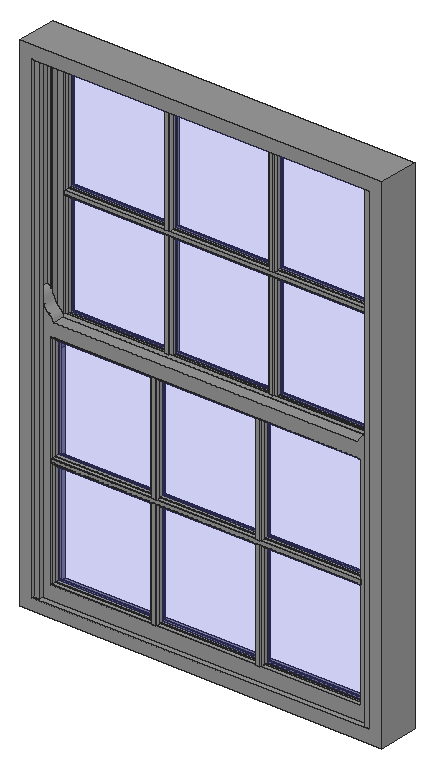
Revit family "HMEL5SP", category Windows, host Wall, Revit 2015
Parameters (values of type "HMEL5SP")
  Height = 1750 mm
  Default Lintel Height = 2100 mm
  Wall Closure = By host
  Width = 1250 mm
Reference planes
  plane 1 "Center (Front/Back)": y = 0
  plane 2 "Center (Left/Right)": x = 0
  plane 3 "Left": x = -625
  plane 4 "Right": x = 625
  plane 5 "Sill": z = 350
  plane 6 "Head": z = 2100
  plane 7 "Exterior": y = 100
  plane 8 "Interior": y = -100
  plane 9: y = -28.5
  plane 10: y = 23.5
  plane 11: z = 1225
  plane 12: z = 1253.5
  plane 13: z = 1196.5
Forms (mm)
  Sweep 1, solid, material "Lauan, Meranti"
    path origin (-10500, 23.5, 2100) x (0, 0, -1) y (-1, 0, 0)
      loop
        line (0, -11125) -> (1750, -11125) -> (1750, -9875) -> (0, -9875) -> (0, -11125)
    profile origin (0, 23.5, 2100) x (0, 0, 1) y (0, 1, 0)
      loop
        line (0, 46.5) -> (-42, 46.5) -> (-42, -93.5) -> (0, -93.5) -> (0, 46.5)
  Extrusion 2, solid, material "Lauan, Meranti"
    sketch origin (-10450, 7.5, 1687.5) x (0, 0, -1) y (-1, 0, 0)
      loop
        line (491, -10976) -> (491, -11033) -> (576, -11033)
        spline (576, -11033) -> (568.022, -11020.331) -> (558.494, -11013.581) -> (548.752, -11010.386) -> (540.116, -11008.399) -> (533.202, -11006.197) -> (527.644, -11003.636) -> (523.005, -11000.669) -> (518.783, -10997.149) -> (514.297, -10992.644) -> (508.83, -10986.691) -> (501.472, -10980.147) -> (491, -10976)
      loop
        spline (491, -9924) -> (501.472, -9919.853) -> (508.83, -9913.309) -> (514.297, -9907.356) -> (518.783, -9902.851) -> (523.005, -9899.331) -> (527.644, -9896.364) -> (533.202, -9893.803) -> (540.116, -9891.601) -> (548.752, -9889.614) -> (558.494, -9886.419) -> (568.022, -9879.669) -> (576, -9867)
        line (576, -9867) -> (491, -9867) -> (491, -9924)
    from 0 to 42
  Extrusion 3, solid, material "Lauan, Meranti"
    sketch origin (-10450, -49.5, 762.5) x (0, 0, 1) y (1, 0, 0)
      loop
        spline (491, 10976) -> (501.472, 10980.147) -> (508.83, 10986.691) -> (514.297, 10992.644) -> (518.783, 10997.149) -> (523.005, 11000.669) -> (527.644, 11003.636) -> (533.202, 11006.197) -> (540.116, 11008.399) -> (548.752, 11010.386) -> (558.494, 11013.581) -> (568.022, 11020.331) -> (576, 11033)
        line (576, 11033) -> (491, 11033) -> (491, 10976)
      loop
        line (491, 9924) -> (491, 9867) -> (576, 9867)
        spline (576, 9867) -> (568.022, 9879.669) -> (558.494, 9886.419) -> (548.752, 9889.614) -> (540.116, 9891.601) -> (533.202, 9893.803) -> (527.644, 9896.364) -> (523.005, 9899.331) -> (518.783, 9902.851) -> (514.297, 9907.356) -> (508.83, 9913.309) -> (501.472, 9919.853) -> (491, 9924)
    from 0 to 42
  Extrusion 4, solid, material "Lauan, Meranti"
    sketch origin (-350, 0, -425) x (0, -1, 0) y (0, 0, 1)
      loop
        line (7.5, 1678.5) -> (-7.5, 1678.5) -> (-7.5, 1659.5) -> (-4.5, 1659.5) -> (-4.5, 1656.5) -> (7.5, 1656.5) -> (7.5, 1672) -> (0.5, 1672) -> (0.5, 1675) -> (7.5, 1675) -> (7.5, 1678.5)
    from 211 to -911
  Sweep 5, solid, material "Lauan, Meranti"
    path origin (-10573.682, 31, 1966.635) x (0, 0, -1) y (-1, 0, 0)
      loop
        line (-91.365, -11156.682) -> (770.135, -11156.682) -> (770.135, -9990.682) -> (-91.365, -9990.682) -> (-91.365, -11156.682)
    profile origin (0, 31, 2058) x (0, 0, 1) y (0, 1, 0)
      loop
        line (-48, 18.5) -> (-48, -6.5) -> (-57, -6.5) -> (-57, -14.499) -> (-53.996, -14.499)
        arc (-53.996, -14.499) -> (-52.238, -18.744) -> (-47.994, -20.502) r 6.002
        line (-47.994, -20.502) -> (-47.994, -23.5) -> (0, -23.5) -> (0, 18.5) -> (-48, 18.5)
  Sweep 6, solid, material "Lauan, Meranti"
    path origin (-10580.679, 16, 1764.851) x (0, 0, -1) y (-1, 0, 0)
      loop
        line (511.351, -11163.679) -> (1372.851, -11163.679) -> (1372.851, -9997.679) -> (511.351, -9997.679) -> (511.351, -11163.679)
    profile origin (0, 16, 1253.5) x (0, 0, 1) y (0, 1, 0)
      loop
        line (0, -65.5) -> (0, -23.5) -> (-48, -23.5) -> (-48, -48.5) -> (-57, -48.5) -> (-57, -56.499) -> (-53.996, -56.499)
        arc (-53.996, -56.499) -> (-52.238, -60.744) -> (-47.994, -62.502) r 6.002
        line (-47.994, -62.502) -> (-47.994, -65.5) -> (0, -65.5)
  Extrusion 7, solid, material "Lauan, Meranti"
    sketch origin (-4.429, 187.242, 731.33) x (1, 0, 0) y (0, 1, 0)
      loop
        line (565.429, -194.742) -> (568.929, -194.742) -> (568.929, -187.742) -> (571.929, -187.742) -> (571.929, -194.742) -> (587.429, -194.742) -> (587.429, -182.742) -> (584.429, -182.742) -> (584.429, -179.742) -> (565.429, -179.742) -> (565.429, -194.742)
      loop
        line (565.429, -236.742) -> (565.429, -251.742) -> (584.429, -251.742) -> (584.429, -248.742) -> (587.429, -248.742) -> (587.429, -236.742) -> (571.929, -236.742) -> (571.929, -243.742) -> (568.929, -243.742) -> (568.929, -236.742) -> (565.429, -236.742)
      loop
        line (-556.571, -194.742) -> (-556.571, -179.742) -> (-575.571, -179.742) -> (-575.571, -182.742) -> (-578.571, -182.742) -> (-578.571, -194.742) -> (-563.071, -194.742) -> (-563.071, -187.742) -> (-560.071, -187.742) -> (-560.071, -194.742) -> (-556.571, -194.742)
      loop
        line (-556.571, -236.742) -> (-560.071, -236.742) -> (-560.071, -243.742) -> (-563.071, -243.742) -> (-563.071, -236.742) -> (-578.571, -236.742) -> (-578.571, -248.742) -> (-575.571, -248.742) -> (-575.571, -251.742) -> (-556.571, -251.742) -> (-556.571, -236.742)
    from -339.33 to 1326.67
  Extrusion 8, solid, material "Lauan, Meranti"
    sketch origin (225, 26, 65.463) x (1, 0, 0) y (0, 1, 0)
      loop
        line (-51, 23.5) -> (-51, -1.5) -> (-60, -1.5) -> (-60, -9.5) -> (-57, -9.5)
        arc (-57, -9.5) -> (-55.243, -13.743) -> (-51, -15.5) r 6
        line (-51, -15.5) -> (-51, -18.5) -> (-38, -18.5) -> (-38, -15.5)
        arc (-38, -15.5) -> (-33.757, -13.743) -> (-32, -9.5) r 6
        line (-32, -9.5) -> (-29, -9.5) -> (-29, -1.5) -> (-38, -1.5) -> (-38, 23.5) -> (-51, 23.5)
      loop
        line (-412, 23.5) -> (-412, -1.5) -> (-421, -1.5) -> (-421, -9.5) -> (-418, -9.5)
        arc (-418, -9.5) -> (-416.243, -13.743) -> (-412, -15.5) r 6
        line (-412, -15.5) -> (-412, -18.5) -> (-399, -18.5) -> (-399, -15.5)
        arc (-399, -15.5) -> (-394.757, -13.743) -> (-393, -9.5) r 6
        line (-393, -9.5) -> (-390, -9.5) -> (-390, -1.5) -> (-399, -1.5) -> (-399, 23.5) -> (-412, 23.5)
    from 1568.287 to 1944.537
  Extrusion 9, solid, material "Glass"
    sketch origin (-10275, 24.5, 1968.75) x (0, 0, -1) y (-1, 0, 0)
      loop
        line (-41.25, -10810) -> (335, -10810) -> (335, -10462) -> (-41.25, -10462) -> (-41.25, -10810)
      loop
        line (-41.25, -10449) -> (335, -10449) -> (335, -10101) -> (-41.25, -10101) -> (-41.25, -10449)
      loop
        line (-41.25, -10088) -> (335, -10088) -> (335, -9740) -> (-41.25, -9740) -> (-41.25, -10088)
      loop
        line (348, -10810) -> (724.25, -10810) -> (724.25, -10462) -> (348, -10462) -> (348, -10810)
      loop
        line (348, -10449) -> (724.25, -10449) -> (724.25, -10101) -> (348, -10101) -> (348, -10449)
      loop
        line (348, -10088) -> (724.25, -10088) -> (724.25, -9740) -> (348, -9740) -> (348, -10088)
    from 0 to 6.4
  Sweep 10, solid, material "Lauan, Meranti"
    path origin (251.75, 107.5, -273.901) x (1, 0, 0) y (0, 0, 1)
      loop
        line (283.25, 2283.901) -> (-64.75, 2283.901) -> (-64.75, 1907.651) -> (283.25, 1907.651) -> (283.25, 2283.901)
    profile origin (361, 107.5, 2010) x (0, 0, -1) y (0, -1, 0)
      loop
        arc (0, 68.6) -> (4.67, 70.234) -> (7, 74.6) r 6.807
        line (7, 74.6) -> (9, 74.6) -> (9, 76.6) -> (0, 76.6) -> (0, 68.6)
  Extrusion 11, solid, material "Lauan, Meranti"
    sketch origin (1720.5, 26, 1627.25) x (0, 0, 1) y (0, 1, 0)
      loop
        line (-6.5, 23.5) -> (-6.5, -1.5) -> (-15.5, -1.5) -> (-15.5, -9.5) -> (-12.5, -9.5)
        arc (-12.5, -9.5) -> (-10.743, -13.743) -> (-6.5, -15.5) r 6
        line (-6.5, -15.5) -> (-6.5, -18.5) -> (6.5, -18.5) -> (6.5, -15.5)
        arc (6.5, -15.5) -> (10.743, -13.743) -> (12.5, -9.5) r 6
        line (12.5, -9.5) -> (15.5, -9.5) -> (15.5, -1.5) -> (6.5, -1.5) -> (6.5, 23.5) -> (-6.5, 23.5)
    from 1185.5 to 2255.5
  Extrusion 12, solid, material "Lauan, Meranti"
    sketch origin (225, 26, -279.537) x (1, 0, 0) y (0, 1, 0)
      loop
        line (-51, 23.5) -> (-51, -1.5) -> (-60, -1.5) -> (-60, -9.5) -> (-57, -9.5)
        arc (-57, -9.5) -> (-55.243, -13.743) -> (-51, -15.5) r 6
        line (-51, -15.5) -> (-51, -18.5) -> (-38, -18.5) -> (-38, -15.5)
        arc (-38, -15.5) -> (-33.757, -13.743) -> (-32, -9.5) r 6
        line (-32, -9.5) -> (-29, -9.5) -> (-29, -1.5) -> (-38, -1.5) -> (-38, 23.5) -> (-51, 23.5)
      loop
        line (-412, 23.5) -> (-412, -1.5) -> (-421, -1.5) -> (-421, -9.5) -> (-418, -9.5)
        arc (-418, -9.5) -> (-416.243, -13.743) -> (-412, -15.5) r 6
        line (-412, -15.5) -> (-412, -18.5) -> (-399, -18.5) -> (-399, -15.5)
        arc (-399, -15.5) -> (-394.757, -13.743) -> (-393, -9.5) r 6
        line (-393, -9.5) -> (-390, -9.5) -> (-390, -1.5) -> (-399, -1.5) -> (-399, 23.5) -> (-412, 23.5)
    from 1524.037 to 1900.287
  Sweep 13, solid, material "Lauan, Meranti"
    path origin (-59.25, 107.5, -273.901) x (1, 0, 0) y (0, 0, 1)
      loop
        line (233.25, 2283.901) -> (-114.75, 2283.901) -> (-114.75, 1907.651) -> (233.25, 1907.651) -> (233.25, 2283.901)
    profile origin (0, 107.5, 2010) x (0, 0, -1) y (0, -1, 0)
      loop
        arc (0, 68.6) -> (4.67, 70.234) -> (7, 74.6) r 6.807
        line (7, 74.6) -> (9, 74.6) -> (9, 76.6) -> (0, 76.6) -> (0, 68.6)
  Sweep 14, solid, material "Lauan, Meranti"
    path origin (-370.25, 107.5, -273.901) x (1, 0, 0) y (0, 0, 1)
      loop
        line (183.25, 2283.901) -> (-164.75, 2283.901) -> (-164.75, 1907.651) -> (183.25, 1907.651) -> (183.25, 2283.901)
    profile origin (-361, 107.5, 2010) x (0, 0, -1) y (0, -1, 0)
      loop
        arc (0, 68.6) -> (4.67, 70.234) -> (7, 74.6) r 6.807
        line (7, 74.6) -> (9, 74.6) -> (9, 76.6) -> (0, 76.6) -> (0, 68.6)
  Sweep 15, solid, material "Lauan, Meranti"
    path origin (251.75, 107.5, -619.401) x (1, 0, 0) y (0, 0, 1)
      loop
        line (283.25, 2240.151) -> (-64.75, 2240.151) -> (-64.75, 1863.901) -> (283.25, 1863.901) -> (283.25, 2240.151)
    profile origin (361, 107.5, 1620.75) x (0, 0, -1) y (0, -1, 0)
      loop
        arc (0, 68.6) -> (4.67, 70.234) -> (7, 74.6) r 6.807
        line (7, 74.6) -> (9, 74.6) -> (9, 76.6) -> (0, 76.6) -> (0, 68.6)
  Sweep 16, solid, material "Lauan, Meranti"
    path origin (-59.25, 107.5, -619.401) x (1, 0, 0) y (0, 0, 1)
      loop
        line (233.25, 2240.151) -> (-114.75, 2240.151) -> (-114.75, 1863.901) -> (233.25, 1863.901) -> (233.25, 2240.151)
    profile origin (0, 107.5, 1620.75) x (0, 0, -1) y (0, -1, 0)
      loop
        arc (0, 68.6) -> (4.67, 70.234) -> (7, 74.6) r 6.807
        line (7, 74.6) -> (9, 74.6) -> (9, 76.6) -> (0, 76.6) -> (0, 68.6)
  Sweep 17, solid, material "Lauan, Meranti"
    path origin (-370.25, 107.5, -619.401) x (1, 0, 0) y (0, 0, 1)
      loop
        line (183.25, 2240.151) -> (-164.75, 2240.151) -> (-164.75, 1863.901) -> (183.25, 1863.901) -> (183.25, 2240.151)
    profile origin (-361, 107.5, 1620.75) x (0, 0, -1) y (0, -1, 0)
      loop
        arc (0, 68.6) -> (4.67, 70.234) -> (7, 74.6) r 6.807
        line (7, 74.6) -> (9, 74.6) -> (9, 76.6) -> (0, 76.6) -> (0, 68.6)
  Extrusion 18, solid, material "Lauan, Meranti"
    sketch origin (225, -31, -739.037) x (1, 0, 0) y (0, 1, 0)
      loop
        line (-51, 23.5) -> (-51, -1.5) -> (-60, -1.5) -> (-60, -9.5) -> (-57, -9.5)
        arc (-57, -9.5) -> (-55.243, -13.743) -> (-51, -15.5) r 6
        line (-51, -15.5) -> (-51, -18.5) -> (-38, -18.5) -> (-38, -15.5)
        arc (-38, -15.5) -> (-33.757, -13.743) -> (-32, -9.5) r 6
        line (-32, -9.5) -> (-29, -9.5) -> (-29, -1.5) -> (-38, -1.5) -> (-38, 23.5) -> (-51, 23.5)
      loop
        line (-412, 23.5) -> (-412, -1.5) -> (-421, -1.5) -> (-421, -9.5) -> (-418, -9.5)
        arc (-418, -9.5) -> (-416.243, -13.743) -> (-412, -15.5) r 6
        line (-412, -15.5) -> (-412, -18.5) -> (-399, -18.5) -> (-399, -15.5)
        arc (-399, -15.5) -> (-394.757, -13.743) -> (-393, -9.5) r 6
        line (-393, -9.5) -> (-390, -9.5) -> (-390, -1.5) -> (-399, -1.5) -> (-399, 23.5) -> (-412, 23.5)
    from 1568.287 to 1944.537
  Extrusion 19, solid, material "Glass"
    sketch origin (-10275, -32.5, 1164.25) x (0, 0, -1) y (-1, 0, 0)
      loop
        line (-41.25, -10810) -> (335, -10810) -> (335, -10462) -> (-41.25, -10462) -> (-41.25, -10810)
      loop
        line (-41.25, -10449) -> (335, -10449) -> (335, -10101) -> (-41.25, -10101) -> (-41.25, -10449)
      loop
        line (-41.25, -10088) -> (335, -10088) -> (335, -9740) -> (-41.25, -9740) -> (-41.25, -10088)
      loop
        line (348, -10810) -> (724.25, -10810) -> (724.25, -10462) -> (348, -10462) -> (348, -10810)
      loop
        line (348, -10449) -> (724.25, -10449) -> (724.25, -10101) -> (348, -10101) -> (348, -10449)
      loop
        line (348, -10088) -> (724.25, -10088) -> (724.25, -9740) -> (348, -9740) -> (348, -10088)
    from 0 to 6.4
  Sweep 20, solid, material "Lauan, Meranti"
    path origin (251.75, 50.5, -1078.401) x (1, 0, 0) y (0, 0, 1)
      loop
        line (283.25, 2283.901) -> (-64.75, 2283.901) -> (-64.75, 1907.651) -> (283.25, 1907.651) -> (283.25, 2283.901)
    profile origin (361, 50.5, 1205.5) x (0, 0, -1) y (0, -1, 0)
      loop
        arc (0, 68.6) -> (4.67, 70.234) -> (7, 74.6) r 6.807
        line (7, 74.6) -> (9, 74.6) -> (9, 76.6) -> (0, 76.6) -> (0, 68.6)
  Extrusion 21, solid, material "Lauan, Meranti"
    sketch origin (1720.5, -31, 822.75) x (0, 0, 1) y (0, 1, 0)
      loop
        line (-6.5, 23.5) -> (-6.5, -1.5) -> (-15.5, -1.5) -> (-15.5, -9.5) -> (-12.5, -9.5)
        arc (-12.5, -9.5) -> (-10.743, -13.743) -> (-6.5, -15.5) r 6
        line (-6.5, -15.5) -> (-6.5, -18.5) -> (6.5, -18.5) -> (6.5, -15.5)
        arc (6.5, -15.5) -> (10.743, -13.743) -> (12.5, -9.5) r 6
        line (12.5, -9.5) -> (15.5, -9.5) -> (15.5, -1.5) -> (6.5, -1.5) -> (6.5, 23.5) -> (-6.5, 23.5)
    from 1185.5 to 2255.5
  Extrusion 22, solid, material "Lauan, Meranti"
    sketch origin (225, -31, -1084.037) x (1, 0, 0) y (0, 1, 0)
      loop
        line (-51, 23.5) -> (-51, -1.5) -> (-60, -1.5) -> (-60, -9.5) -> (-57, -9.5)
        arc (-57, -9.5) -> (-55.243, -13.743) -> (-51, -15.5) r 6
        line (-51, -15.5) -> (-51, -18.5) -> (-38, -18.5) -> (-38, -15.5)
        arc (-38, -15.5) -> (-33.757, -13.743) -> (-32, -9.5) r 6
        line (-32, -9.5) -> (-29, -9.5) -> (-29, -1.5) -> (-38, -1.5) -> (-38, 23.5) -> (-51, 23.5)
      loop
        line (-412, 23.5) -> (-412, -1.5) -> (-421, -1.5) -> (-421, -9.5) -> (-418, -9.5)
        arc (-418, -9.5) -> (-416.243, -13.743) -> (-412, -15.5) r 6
        line (-412, -15.5) -> (-412, -18.5) -> (-399, -18.5) -> (-399, -15.5)
        arc (-399, -15.5) -> (-394.757, -13.743) -> (-393, -9.5) r 6
        line (-393, -9.5) -> (-390, -9.5) -> (-390, -1.5) -> (-399, -1.5) -> (-399, 23.5) -> (-412, 23.5)
    from 1524.037 to 1900.287
  Sweep 23, solid, material "Lauan, Meranti"
    path origin (-59.25, 50.5, -1078.401) x (1, 0, 0) y (0, 0, 1)
      loop
        line (233.25, 2283.901) -> (-114.75, 2283.901) -> (-114.75, 1907.651) -> (233.25, 1907.651) -> (233.25, 2283.901)
    profile origin (0, 50.5, 1205.5) x (0, 0, -1) y (0, -1, 0)
      loop
        arc (0, 68.6) -> (4.67, 70.234) -> (7, 74.6) r 6.807
        line (7, 74.6) -> (9, 74.6) -> (9, 76.6) -> (0, 76.6) -> (0, 68.6)
  Sweep 24, solid, material "Lauan, Meranti"
    path origin (-370.25, 50.5, -1078.401) x (1, 0, 0) y (0, 0, 1)
      loop
        line (183.25, 2283.901) -> (-164.75, 2283.901) -> (-164.75, 1907.651) -> (183.25, 1907.651) -> (183.25, 2283.901)
    profile origin (-361, 50.5, 1205.5) x (0, 0, -1) y (0, -1, 0)
      loop
        arc (0, 68.6) -> (4.67, 70.234) -> (7, 74.6) r 6.807
        line (7, 74.6) -> (9, 74.6) -> (9, 76.6) -> (0, 76.6) -> (0, 68.6)
  Sweep 25, solid, material "Lauan, Meranti"
    path origin (251.75, 50.5, -1423.901) x (1, 0, 0) y (0, 0, 1)
      loop
        line (283.25, 2240.151) -> (-64.75, 2240.151) -> (-64.75, 1863.901) -> (283.25, 1863.901) -> (283.25, 2240.151)
    profile origin (361, 50.5, 816.25) x (0, 0, -1) y (0, -1, 0)
      loop
        arc (0, 68.6) -> (4.67, 70.234) -> (7, 74.6) r 6.807
        line (7, 74.6) -> (9, 74.6) -> (9, 76.6) -> (0, 76.6) -> (0, 68.6)
  Sweep 26, solid, material "Lauan, Meranti"
    path origin (-59.25, 50.5, -1423.901) x (1, 0, 0) y (0, 0, 1)
      loop
        line (233.25, 2240.151) -> (-114.75, 2240.151) -> (-114.75, 1863.901) -> (233.25, 1863.901) -> (233.25, 2240.151)
    profile origin (0, 50.5, 816.25) x (0, 0, -1) y (0, -1, 0)
      loop
        arc (0, 68.6) -> (4.67, 70.234) -> (7, 74.6) r 6.807
        line (7, 74.6) -> (9, 74.6) -> (9, 76.6) -> (0, 76.6) -> (0, 68.6)
  Sweep 27, solid, material "Lauan, Meranti"
    path origin (-370.25, 50.5, -1423.901) x (1, 0, 0) y (0, 0, 1)
      loop
        line (183.25, 2240.151) -> (-164.75, 2240.151) -> (-164.75, 1863.901) -> (183.25, 1863.901) -> (183.25, 2240.151)
    profile origin (-361, 50.5, 816.25) x (0, 0, -1) y (0, -1, 0)
      loop
        arc (0, 68.6) -> (4.67, 70.234) -> (7, 74.6) r 6.807
        line (7, 74.6) -> (9, 74.6) -> (9, 76.6) -> (0, 76.6) -> (0, 68.6)
Cuts and joins
  joined: Extrusion 2, Sweep 5
  joined: Extrusion 3, Sweep 6
Lines and regions (mm)
  Opening 1
    outline origin (3500, -100, 0) x (1, 0, 0) y (0, 0, 1)
      loop
        line (-2875, 350) -> (-2875, 2100) -> (-4125, 2100) -> (-4125, 350) -> (-2875, 350)
  model lines
    curve 1: line (583, 49.5, 2058) -> (0, 49.5, 1196.5)
    curve 2: line (-583, 49.5, 2058) -> (0, 49.5, 1196.5)
    curve 3: line (-361, -7.5, 557.422) -> (-361, -7.5, 957.422)
    curve 4: line (-361, -7.5, 1096.5) -> (-304.809, -7.5, 957.422)
    curve 5: line (-304.809, -7.5, 957.422) -> (-417.191, -7.5, 957.422)
    curve 6: line (-361, -7.5, 1096.5) -> (-417.191, -7.5, 957.422)
Text (mm)
  text "EXTERIOR" at (-1963.203, 1332.353, 0), in view "Ref. Level"
  text "INTERIOR" at (-1981.466, -818.386, 0), in view "Ref. Level"
  text "Exterior" at (0, 923.751, 2943.296), in view "Right"
  text "Exterior" at (0, 1040.484, 2685.409), in view "Left"
Dimensions and locks
  equal spacing: plane 3 "Left", plane 2 "Center (Left/Right)", plane 4 "Right"
  "Width": plane 3 "Left" to plane 4 "Right"
  "Height": plane 5 "Sill" to plane 6 "Head"
  "Default Lintel Height": plane 6 "Head" to level
  locked: plane 7 "Exterior" to host wall at 0
  locked: plane 8 "Interior" to host wall
  locked: plane 10 to plane 9 at 52
  plane 3 "Left" to plane 4 "Right" = 1250 mm
  aligned and locked: Sweep 1 sketch curve to host wall  (x4)
  aligned and locked: Sweep 6 sketch curve to Sweep 1  (x2)
  aligned and locked: Sweep 6 sketch curve to plane 12
  aligned and locked: Sweep 1 to Sweep 6 sketch curve
  aligned and locked: Extrusion 7 to Sweep 1  (x2)
  aligned and locked: Sweep 5 sketch curve to plane 13
  aligned and locked: Sweep 1 to Sweep 5 sketch curve
  aligned and locked: Sweep 5 sketch curve to Sweep 1  (x2)
  aligned and locked: Extrusion 9 sketch curve to Extrusion 8  (x4)
  aligned and locked: Extrusion 9 sketch curve to Extrusion 11  (x2)
  aligned and locked: Extrusion 9 sketch curve to Extrusion 9 sketch curve  (x4)
  aligned and locked: Extrusion 9 to Sweep 10 sketch curve
  aligned and locked: Extrusion 9 to Sweep 13 sketch curve
  aligned and locked: Extrusion 9 to Sweep 14 sketch curve
  aligned and locked: Sweep 15 sketch curve to Extrusion 9
  aligned and locked: Extrusion 9 to Sweep 16 sketch curve
  aligned and locked: Extrusion 9 to Sweep 17 sketch curve
  aligned and locked: Extrusion 9 sketch curve to Extrusion 12  (x2)
  aligned and locked: Sweep 14 sketch curve to Extrusion 8
  aligned and locked: Sweep 13 sketch curve to Extrusion 8  (x2)
  aligned and locked: Sweep 10 sketch curve to Extrusion 8
  aligned and locked: Extrusion 19 sketch curve to Extrusion 18  (x4)
  aligned and locked: Extrusion 19 sketch curve to Extrusion 21  (x2)
  aligned and locked: Extrusion 19 sketch curve to Extrusion 19 sketch curve  (x4)
  aligned and locked: Extrusion 19 to Sweep 20 sketch curve
  aligned and locked: Extrusion 19 to Sweep 23 sketch curve
  aligned and locked: Extrusion 19 to Sweep 24 sketch curve
  aligned and locked: Sweep 25 sketch curve to Extrusion 19
  aligned and locked: Extrusion 19 to Sweep 26 sketch curve
  aligned and locked: Extrusion 19 to Sweep 27 sketch curve
  aligned and locked: Extrusion 19 sketch curve to Extrusion 22  (x2)
  aligned and locked: Sweep 24 sketch curve to Extrusion 18
  aligned and locked: Sweep 23 sketch curve to Extrusion 18  (x2)
  aligned and locked: Sweep 20 sketch curve to Extrusion 18
Automatic sketch dimensions
  plane 3 "Left" to Opening 1 sketch curve = 0 mm
  plane 4 "Right" to Opening 1 sketch curve = 0 mm
  Opening 1 sketch curve to plane 5 "Sill" = 0 mm
  Opening 1 sketch curve to plane 6 "Head" = 0 mm
  profile plane to Sweep 1 sketch curve = 0 mm
  profile plane to Sweep 1 sketch curve = 42 mm
  Sweep 1 sketch curve to plane 10 = 93.5 mm
  plane 10 to Sweep 1 sketch curve = 46.5 mm
  plane 2 "Center (Left/Right)" to curve 1 = 0 mm
  curve 1 to plane 13 = 0 mm
  curve 2 to plane 3 "Left" = 42 mm
  plane 4 "Right" to curve 1 = 42 mm
  plane 6 "Head" to curve 1 = 42 mm
  plane 6 "Head" to curve 2 = 42 mm
  plane 13 to curve 6 = 100 mm
  curve 4 to curve 5 = 139.078 mm
  curve 5 to plane 3 "Left" = 207.809 mm
  curve 5 to curve 6 = 56.191 mm
  curve 5 to curve 5 = 112.382 mm
  curve 3 to plane 5 "Sill" = 207.422 mm
  curve 3 to curve 4 = 56.191 mm
  Extrusion 2 sketch curve to plane 13 = 0 mm  (x2)
  Extrusion 2 sketch curve to plane 3 "Left" = 42 mm
  plane 13 to Extrusion 2 sketch curve = 85 mm  (x2)
  plane 4 "Right" to Extrusion 2 sketch curve = 42 mm
  Extrusion 2 sketch curve to Extrusion 2 sketch curve = 57 mm  (x2)
  Extrusion 3 sketch curve to plane 12 = 0 mm  (x2)
  Extrusion 3 sketch curve to plane 3 "Left" = 42 mm
  Extrusion 3 sketch curve to Extrusion 3 sketch curve = 85 mm  (x2)
  plane 4 "Right" to Extrusion 3 sketch curve = 42 mm
  Extrusion 3 sketch curve to Extrusion 3 sketch curve = 57 mm  (x2)
  Extrusion 4 sketch curve to plane 12 = 0 mm
  Extrusion 4 sketch curve to host wall = 7.5 mm
  Extrusion 4 sketch curve to Extrusion 4 sketch curve = 3 mm  (x2)
  host wall to Extrusion 4 sketch curve = 0.5 mm
  Extrusion 4 sketch curve to Extrusion 4 sketch curve = 7 mm
  host wall to Extrusion 4 sketch curve = 7.5 mm
  Extrusion 4 sketch curve to plane 12 = 3.5 mm
  plane 11 to Extrusion 4 sketch curve = 9.5 mm
  plane 11 to Extrusion 4 sketch curve = 6.5 mm
  profile plane to Sweep 5 sketch curve = 0 mm
  Sweep 5 sketch curve to profile plane = 23.5 mm
  profile plane to Sweep 5 sketch curve = 47.994 mm
  Sweep 5 sketch curve to Sweep 5 sketch curve = 0.006 mm
  Sweep 5 sketch curve to Sweep 5 sketch curve = 6.002 mm
  Sweep 5 sketch curve to Sweep 5 sketch curve = 3.004 mm
  Sweep 5 sketch curve to Sweep 5 sketch curve = 2.998 mm
  Sweep 5 sketch curve to profile plane = 6.5 mm
  profile plane to Sweep 5 sketch curve = 18.5 mm
  profile plane to Sweep 6 sketch curve = 0 mm
  profile plane to Sweep 6 sketch curve = 47.994 mm
  Sweep 6 sketch curve to Sweep 6 sketch curve = 0.006 mm
  Sweep 6 sketch curve to Sweep 6 sketch curve = 6.002 mm
  Sweep 6 sketch curve to Sweep 6 sketch curve = 3.004 mm
  Sweep 6 sketch curve to profile plane = 65.5 mm
  Sweep 6 sketch curve to Sweep 6 sketch curve = 2.998 mm
  Sweep 6 sketch curve to Sweep 6 sketch curve = 7.999 mm
  Sweep 6 sketch curve to profile plane = 23.5 mm
  Extrusion 7 sketch curve to plane 3 "Left" = 42 mm
  host wall to Extrusion 7 sketch curve = 7.5 mm  (x2)
  Extrusion 7 sketch curve to Extrusion 7 sketch curve = 0 mm  (x5)
  Extrusion 7 sketch curve to Extrusion 7 sketch curve = 3 mm  (x11)
  Extrusion 7 sketch curve to Extrusion 7 sketch curve = 15.5 mm  (x2)
  host wall to Extrusion 7 sketch curve = 0.5 mm  (x2)
  Extrusion 7 sketch curve to Extrusion 7 sketch curve = 3.5 mm  (x4)
  plane 4 "Right" to Extrusion 7 sketch curve = 64 mm
  Extrusion 7 sketch curve to plane 9 = 21 mm
  Extrusion 7 sketch curve to Extrusion 7 sketch curve = 12.5 mm  (x2)
  Extrusion 7 sketch curve to host wall = 4.5 mm  (x2)
  Extrusion 7 sketch curve to Extrusion 7 sketch curve = 7 mm  (x2)
  Extrusion 7 sketch curve to plane 9 = 28 mm
  Extrusion 7 sketch curve to Extrusion 7 sketch curve = 5 mm  (x2)
  Extrusion 7 sketch curve to Extrusion 7 sketch curve = 12 mm
  Extrusion 7 sketch curve to host wall = 7.5 mm
  plane 10 to Extrusion 8 sketch curve = 1 mm  (x4)
  plane 2 "Center (Left/Right)" to Extrusion 8 sketch curve = 196 mm
  Extrusion 8 sketch curve to Extrusion 8 sketch curve = 3 mm  (x8)
  Extrusion 8 sketch curve to Extrusion 8 sketch curve = 9 mm  (x2)
  Extrusion 8 sketch curve to Extrusion 8 sketch curve = 6 mm  (x4)
  Extrusion 8 sketch curve to Extrusion 8 sketch curve = 13 mm  (x4)
  Extrusion 8 sketch curve to plane 10 = 7 mm
  Extrusion 8 sketch curve to plane 2 "Center (Left/Right)" = 165 mm
  Extrusion 8 sketch curve to host wall = 10.5 mm
  Extrusion 8 sketch curve to Extrusion 8 sketch curve = 25 mm  (x2)
  plane 6 "Head" to Extrusion 9 sketch curve = 90 mm  (x2)
  Extrusion 9 sketch curve to Extrusion 9 sketch curve = 0 mm  (x3)
  Extrusion 9 sketch curve to Extrusion 9 sketch curve = 13 mm  (x2)
  Extrusion 9 sketch curve to plane 12 = 9 mm  (x3)
  plane 4 "Right" to Extrusion 9 sketch curve = 90 mm
  Extrusion 9 sketch curve to plane 3 "Left" = 90 mm
  plane 4 "Right" to Sweep 10 sketch curve = 90 mm
  plane 6 "Head" to Sweep 10 sketch curve = 90 mm
  Sweep 10 sketch curve to profile plane = 0 mm
  Sweep 10 sketch curve to profile plane = 0.241 mm
  Sweep 10 sketch curve to Sweep 10 sketch curve = 6.759 mm
  Sweep 10 sketch curve to Sweep 10 sketch curve = 2 mm  (x2)
  profile plane to Sweep 10 sketch curve = 68.6 mm
  Sweep 10 sketch curve to Sweep 10 sketch curve = 6 mm
  Extrusion 11 sketch curve to plane 10 = 7 mm
  plane 12 to Extrusion 11 sketch curve = 358.25 mm
  Extrusion 11 sketch curve to Extrusion 11 sketch curve = 3 mm  (x3)
  plane 10 to Extrusion 11 sketch curve = 1 mm  (x2)
  Extrusion 11 sketch curve to Extrusion 11 sketch curve = 9 mm
  Extrusion 11 sketch curve to Extrusion 11 sketch curve = 6 mm  (x2)
  Extrusion 11 sketch curve to Extrusion 11 sketch curve = 13 mm  (x2)
  Extrusion 11 sketch curve to host wall = 10.5 mm
  Extrusion 11 sketch curve to Extrusion 11 sketch curve = 25 mm
  plane 10 to Extrusion 12 sketch curve = 1 mm  (x4)
  plane 2 "Center (Left/Right)" to Extrusion 12 sketch curve = 196 mm
  Extrusion 12 sketch curve to Extrusion 12 sketch curve = 3 mm  (x8)
  Extrusion 12 sketch curve to Extrusion 12 sketch curve = 9 mm  (x2)
  Extrusion 12 sketch curve to Extrusion 12 sketch curve = 6 mm  (x4)
  Extrusion 12 sketch curve to Extrusion 12 sketch curve = 13 mm  (x4)
  Extrusion 12 sketch curve to plane 10 = 7 mm
  Extrusion 12 sketch curve to plane 2 "Center (Left/Right)" = 165 mm
  Extrusion 12 sketch curve to host wall = 10.5 mm
  Extrusion 12 sketch curve to Extrusion 12 sketch curve = 25 mm  (x2)
  plane 6 "Head" to Sweep 13 sketch curve = 90 mm
  Sweep 13 sketch curve to profile plane = 0 mm
  Sweep 13 sketch curve to profile plane = 0.241 mm
  Sweep 13 sketch curve to Sweep 13 sketch curve = 6.759 mm
  Sweep 13 sketch curve to Sweep 13 sketch curve = 2 mm  (x2)
  profile plane to Sweep 13 sketch curve = 68.6 mm
  Sweep 13 sketch curve to Sweep 13 sketch curve = 6 mm
  Sweep 14 sketch curve to plane 3 "Left" = 90 mm
  plane 6 "Head" to Sweep 14 sketch curve = 90 mm
  Sweep 14 sketch curve to profile plane = 0 mm
  Sweep 14 sketch curve to profile plane = 0.241 mm
  Sweep 14 sketch curve to Sweep 14 sketch curve = 6.759 mm
  Sweep 14 sketch curve to Sweep 14 sketch curve = 2 mm  (x2)
  profile plane to Sweep 14 sketch curve = 68.6 mm
  Sweep 14 sketch curve to Sweep 14 sketch curve = 6 mm
  Sweep 15 sketch curve to plane 2 "Center (Left/Right)" = 187 mm
  Sweep 15 sketch curve to plane 12 = 9 mm
  plane 4 "Right" to Sweep 15 sketch curve = 90 mm
  Sweep 15 sketch curve to profile plane = 0 mm
  Sweep 15 sketch curve to profile plane = 0.241 mm
  Sweep 15 sketch curve to Sweep 15 sketch curve = 6.759 mm
  Sweep 15 sketch curve to Sweep 15 sketch curve = 2 mm  (x2)
  profile plane to Sweep 15 sketch curve = 68.6 mm
  Sweep 15 sketch curve to Sweep 15 sketch curve = 6 mm
  plane 2 "Center (Left/Right)" to Sweep 16 sketch curve = 174 mm
  Sweep 16 sketch curve to plane 12 = 9 mm
  Sweep 16 sketch curve to plane 2 "Center (Left/Right)" = 174 mm
  Sweep 16 sketch curve to profile plane = 0 mm
  Sweep 16 sketch curve to profile plane = 0.241 mm
  Sweep 16 sketch curve to Sweep 16 sketch curve = 6.759 mm
  Sweep 16 sketch curve to Sweep 16 sketch curve = 2 mm  (x2)
  profile plane to Sweep 16 sketch curve = 68.6 mm
  Sweep 16 sketch curve to Sweep 16 sketch curve = 6 mm
  Sweep 17 sketch curve to plane 3 "Left" = 90 mm
  Sweep 17 sketch curve to plane 12 = 9 mm
  plane 2 "Center (Left/Right)" to Sweep 17 sketch curve = 187 mm
  Sweep 17 sketch curve to profile plane = 0 mm
  Sweep 17 sketch curve to profile plane = 0.241 mm
  Sweep 17 sketch curve to Sweep 17 sketch curve = 6.759 mm
  Sweep 17 sketch curve to Sweep 17 sketch curve = 2 mm  (x2)
  profile plane to Sweep 17 sketch curve = 68.6 mm
  Sweep 17 sketch curve to Sweep 17 sketch curve = 6 mm
  Extrusion 18 sketch curve to plane 9 = 4 mm  (x4)
  plane 2 "Center (Left/Right)" to Extrusion 18 sketch curve = 196 mm
  Extrusion 18 sketch curve to Extrusion 18 sketch curve = 3 mm  (x8)
  host wall to Extrusion 18 sketch curve = 7.5 mm  (x2)
  Extrusion 18 sketch curve to Extrusion 18 sketch curve = 9 mm  (x2)
  Extrusion 18 sketch curve to Extrusion 18 sketch curve = 6 mm  (x4)
  Extrusion 18 sketch curve to Extrusion 18 sketch curve = 13 mm  (x4)
  Extrusion 18 sketch curve to plane 9 = 12 mm
  Extrusion 18 sketch curve to plane 2 "Center (Left/Right)" = 165 mm
  Extrusion 18 sketch curve to plane 9 = 18 mm
  Extrusion 19 sketch curve to plane 13 = 9 mm  (x3)
  Extrusion 19 sketch curve to Extrusion 19 sketch curve = 13 mm  (x2)
  Extrusion 19 sketch curve to plane 5 "Sill" = 90 mm
  Extrusion 19 sketch curve to Extrusion 19 sketch curve = 0 mm  (x4)
  plane 4 "Right" to Extrusion 19 sketch curve = 90 mm
  Extrusion 19 sketch curve to plane 3 "Left" = 90 mm
  plane 4 "Right" to Sweep 20 sketch curve = 90 mm
  Sweep 20 sketch curve to plane 13 = 9 mm
  Sweep 20 sketch curve to profile plane = 0 mm
  Sweep 20 sketch curve to profile plane = 0.241 mm
  Sweep 20 sketch curve to Sweep 20 sketch curve = 6.759 mm
  Sweep 20 sketch curve to Sweep 20 sketch curve = 2 mm  (x2)
  profile plane to Sweep 20 sketch curve = 68.6 mm
  Sweep 20 sketch curve to Sweep 20 sketch curve = 6 mm
  Extrusion 21 sketch curve to plane 9 = 12 mm
  plane 13 to Extrusion 21 sketch curve = 389.25 mm
  Extrusion 21 sketch curve to Extrusion 21 sketch curve = 3 mm  (x3)
  Extrusion 21 sketch curve to plane 9 = 4 mm  (x2)
  Extrusion 21 sketch curve to Extrusion 21 sketch curve = 9 mm
  Extrusion 21 sketch curve to Extrusion 21 sketch curve = 6 mm  (x2)
  Extrusion 21 sketch curve to Extrusion 21 sketch curve = 13 mm  (x2)
  Extrusion 21 sketch curve to Extrusion 21 sketch curve = 0 mm
  host wall to Extrusion 21 sketch curve = 7.5 mm
  Extrusion 22 sketch curve to plane 9 = 4 mm  (x4)
  plane 2 "Center (Left/Right)" to Extrusion 22 sketch curve = 196 mm
  Extrusion 22 sketch curve to Extrusion 22 sketch curve = 3 mm  (x8)
  host wall to Extrusion 22 sketch curve = 7.5 mm  (x2)
  Extrusion 22 sketch curve to Extrusion 22 sketch curve = 9 mm  (x2)
  Extrusion 22 sketch curve to Extrusion 22 sketch curve = 6 mm  (x4)
  Extrusion 22 sketch curve to Extrusion 22 sketch curve = 13 mm  (x4)
  Extrusion 22 sketch curve to plane 9 = 12 mm
  Extrusion 22 sketch curve to plane 2 "Center (Left/Right)" = 165 mm
  Extrusion 22 sketch curve to plane 9 = 18 mm
  Sweep 23 sketch curve to plane 13 = 9 mm
  Sweep 23 sketch curve to profile plane = 0 mm
  Sweep 23 sketch curve to profile plane = 0.241 mm
  Sweep 23 sketch curve to Sweep 23 sketch curve = 6.759 mm
  Sweep 23 sketch curve to Sweep 23 sketch curve = 2 mm  (x2)
  profile plane to Sweep 23 sketch curve = 68.6 mm
  Sweep 23 sketch curve to Sweep 23 sketch curve = 6 mm
  Sweep 24 sketch curve to plane 3 "Left" = 90 mm
  Sweep 24 sketch curve to plane 13 = 9 mm
  Sweep 24 sketch curve to profile plane = 0 mm
  Sweep 24 sketch curve to profile plane = 0.241 mm
  Sweep 24 sketch curve to Sweep 24 sketch curve = 6.759 mm
  Sweep 24 sketch curve to Sweep 24 sketch curve = 2 mm  (x2)
  profile plane to Sweep 24 sketch curve = 68.6 mm
  Sweep 24 sketch curve to Sweep 24 sketch curve = 6 mm
  Sweep 25 sketch curve to plane 2 "Center (Left/Right)" = 187 mm
  plane 4 "Right" to Sweep 25 sketch curve = 90 mm
  Sweep 25 sketch curve to plane 5 "Sill" = 90 mm
  Sweep 25 sketch curve to profile plane = 0 mm
  Sweep 25 sketch curve to profile plane = 0.241 mm
  Sweep 25 sketch curve to Sweep 25 sketch curve = 6.759 mm
  Sweep 25 sketch curve to Sweep 25 sketch curve = 2 mm  (x2)
  profile plane to Sweep 25 sketch curve = 68.6 mm
  Sweep 25 sketch curve to Sweep 25 sketch curve = 6 mm
  plane 2 "Center (Left/Right)" to Sweep 26 sketch curve = 174 mm
  Sweep 26 sketch curve to plane 2 "Center (Left/Right)" = 174 mm
  Sweep 26 sketch curve to plane 5 "Sill" = 90 mm
  Sweep 26 sketch curve to profile plane = 0 mm
  Sweep 26 sketch curve to profile plane = 0.241 mm
  Sweep 26 sketch curve to Sweep 26 sketch curve = 6.759 mm
  Sweep 26 sketch curve to Sweep 26 sketch curve = 2 mm  (x2)
  profile plane to Sweep 26 sketch curve = 68.6 mm
  Sweep 26 sketch curve to Sweep 26 sketch curve = 6 mm
  Sweep 27 sketch curve to plane 3 "Left" = 90 mm
  Sweep 27 sketch curve to plane 5 "Sill" = 90 mm
  plane 2 "Center (Left/Right)" to Sweep 27 sketch curve = 187 mm
  Sweep 27 sketch curve to profile plane = 0 mm
  Sweep 27 sketch curve to profile plane = 0.241 mm
  Sweep 27 sketch curve to Sweep 27 sketch curve = 6.759 mm
  Sweep 27 sketch curve to Sweep 27 sketch curve = 2 mm  (x2)
  profile plane to Sweep 27 sketch curve = 68.6 mm
  Sweep 27 sketch curve to Sweep 27 sketch curve = 6 mm
